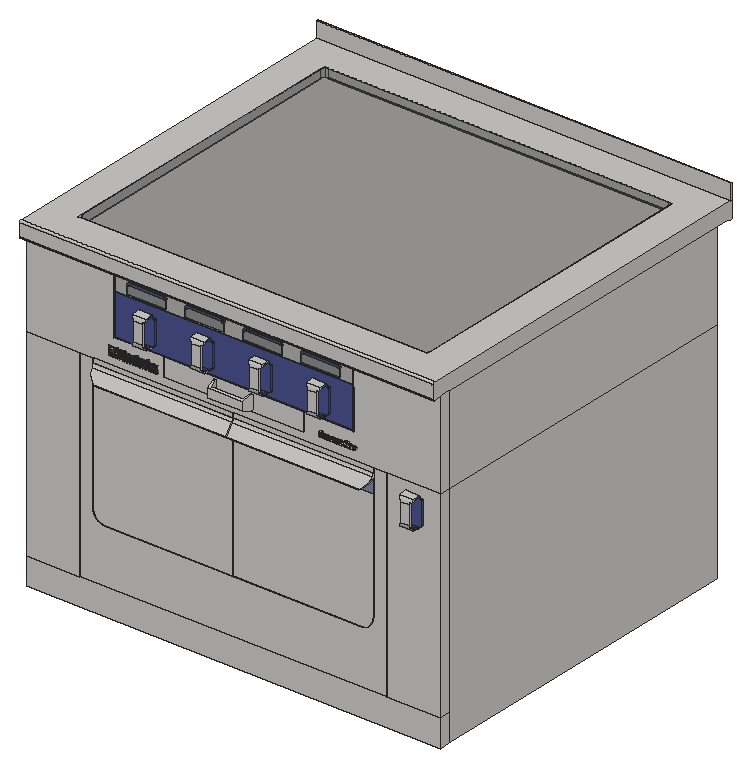
Revit family "QF_ELECTROLUXPROFESSIONAL_589710_MCTHFBJ4AO", category Attrezzature speciali, Revit 2020
Family settings
  Quota connettore circolare = Usa diametro
  Tipo di parte = Normale
  Basato su piano di lavoro = No
  Sempre verticale = Sì
  Taglio con vuoti quando caricato = No
  Condiviso = No
  Punto di calcolo locali = No
Parameters (values of type "Standard")
  Weight = 258.00 kg
  Watts = 18300 W
  Volts = 400 V
  URL Manufacturer = "https://www.electroluxprofessional.com/"
  URL = "https://www.electroluxprofessional.com/"
  Steam Supply Size = 0"
  Steam Supply Minimum Pressure = 0.00 psi
  Steam Supply Maximum Pressure = 0.00 psi
  Steam Consumption per Hour = 0
  Refrigeration Suction Line Size = 0 mm
  Refrigeration Liquid Line Size = 0 mm
  Refrigerant Compressor Remote = yes
  Prospetto di default = 0 mm
  Phase = 3
  Modello = "MCTHFBJ4AO"
  Produttore = "Electrolux Professional"
  Length Actual = 1000 mm  # constant formula
  Item Number = "589710"
  Hot Water Size = 0"
  Height Actual = 800 mm  # constant formula
  HP = "24.5 HP"
  Gas Size = 0"
  Gas KW = 0
  Gas Input Pressure = 0.0 Btu/h
  Direct Waste Size = 0"
  Descrizione = "EL.FREE COOK.WARM.CAB.1S,BS,1000X900X8"
  Depth Actual = 900 mm  # constant formula
  Cycle = 50 Hz
  Condensate Return Size = 0"
  Compressed Air Volume = 0 GPM
  Compressed Air Size = 0"
  Compressed Air Pressure = 0.00 psi
  Cold Water Size = 0"
  Accessory = yes
Reference planes
  plane 1 "BACK": y = 50
  plane 2: z = 0
  plane 3 "LEFT": x = 0
  plane 4 "RIGHT": x = 1000
  plane 5 "FRONT": y = -850
  plane 6 "TOP": z = 900
  plane 7 "Center (Left/Right)": x = 500
  plane 8: y = -400
  plane 9: z = 100
  plane 10: y = -150
  plane 11 "Panel": y = -805
  plane 12: z = 798
  plane 13: z = 1327
  plane 14: x = 78
  plane 15: x = 922
  plane 16: y = -100
  plane 17: y = -600
  plane 18 "EIx": x = 955
  plane 19 "EIy": y = -635
  plane 20 "KnobX": x = 935
Forms (mm)
  Extrusion 1, solid, material "QF_Finishes_Stainless Steel"
    sketch origin (-178.969, -4572, 100) x (-1, 0, 0) y (0, -1, 0)
      loop
        line (-178.969, -4577) -> (-178.969, -3767) -> (-1178.969, -3767) -> (-1178.969, -4577) -> (-178.969, -4577)
    from 550 to 763
  Extrusion 2, solid, material "QF_Finishes_Stainless Steel"
    sketch origin (-588.969, -4562, 100) x (-1, 0, 0) y (0, -1, 0)
      loop
        circle (-1543.969, -3927) r 6.35
    from 0 to -11.851
  Extrusion 3, solid, material "QF_Finishes_Stainless Steel"
    sketch origin (500, 296.4, 1219.2) x (0, 1, 0) y (0, 0, 1)
      loop
        line (-246.4, -319.2) -> (-1141.4, -319.2)
        arc (-1141.4, -319.2) -> (-1144.935, -320.664) -> (-1146.4, -324.2) r 5
        line (-1146.4, -324.2) -> (-1146.4, -355.2)
        arc (-1146.4, -355.2) -> (-1144.971, -358.264) -> (-1141.705, -359.139) r 4
        line (-1141.705, -359.139) -> (-1126.4, -356.231) -> (-266.4, -356.231) -> (-251.094, -359.139)
        arc (-251.094, -359.139) -> (-247.829, -358.264) -> (-246.4, -355.2) r 4
        line (-246.4, -355.2) -> (-246.4, -319.2)
    from -500 to 500
  Extrusion 4, solid, material "QF_Finishes_Electrolux_Black Smoke Iluminated"
    sketch origin (0, 0, 900) x (-1, 0, 0) y (0, -1, 0)
      loop
        arc (-90, 30) -> (-82.929, 32.929) -> (-80, 40) r 10
        line (-80, 40) -> (-80, 760)
        arc (-80, 760) -> (-82.929, 767.071) -> (-90, 770) r 10
        line (-90, 770) -> (-911, 770)
        arc (-911, 770) -> (-918.071, 767.071) -> (-921, 760) r 10
        line (-921, 760) -> (-921, 40)
        arc (-921, 40) -> (-918.071, 32.929) -> (-911, 30) r 10
        line (-911, 30) -> (-90, 30)
    from 0 to -20
  Extrusion 5, solid, material "QF_Finishes_Stainless Steel"
    sketch origin (-178.969, -4572, 100) x (-1, 0, 0) y (0, -1, 0)
      loop
        line (-178.969, -4577) -> (-178.969, -3767) -> (-1178.969, -3767) -> (-1178.969, -4577) -> (-178.969, -4577)
    from 550 to 0
  Extrusion 6, void
    sketch origin (0, 0, 900) x (-1, 0, 0) y (0, -1, 0)
      loop
        line (-78, 771) -> (-922, 771) -> (-922, 28) -> (-78, 28) -> (-78, 771)
    from 0 to -25
  Extrusion 7, solid, material "QF_Finishes_Stainless Steel"
    sketch origin (0, 0, 900) x (-1, 0, 0) y (0, -1, 0)
      loop
        arc (-90, 32) -> (-84.343, 34.343) -> (-82, 40) r 8
        line (-82, 40) -> (-82, 760)
        arc (-82, 760) -> (-84.343, 765.657) -> (-90, 768) r 8
        line (-90, 768) -> (-910, 768)
        arc (-910, 768) -> (-915.657, 765.657) -> (-918, 760) r 8
        line (-918, 760) -> (-918, 40)
        arc (-918, 40) -> (-915.657, 34.343) -> (-910, 32) r 8
        line (-910, 32) -> (-90, 32)
    from -20 to -25
  Extrusion 8, solid, material "QF_Finishes_Stainless Steel"
    sketch origin (500, 297.4, 1219.2) x (0, 1, 0) y (0, 0, 1)
      loop
        line (-249.4, -319.2) -> (-247.4, -319.2) -> (-247.4, -281.2) -> (-249.4, -281.2) -> (-249.4, -319.2)
    from -500 to 500
  Extrusion 9, solid, material "QF_Finishes_Stainless Steel"
    sketch origin (500, 296.4, 1219.2) x (0, 1, 0) y (0, 0, 1)
      loop
        line (-1101.4, -1119.2) -> (-1101.4, -1054.2) -> (-1126.4, -1054.2) -> (-1126.4, -1119.2) -> (-1101.4, -1119.2)
    from -500 to 500
  Extrusion 10, solid, material "QF_Finishes_Stainless Steel"
    sketch origin (-40.038, -850, -31.747) x (1, 0, 0) y (0, 0, 1)
      loop
        line (40.038, 681.747) -> (40.038, 196.747) -> (170.038, 196.747) -> (170.038, 681.747) -> (40.038, 681.747)
      loop
        line (1040.038, 681.747) -> (910.038, 681.747) -> (910.038, 196.747) -> (1040.038, 196.747) -> (1040.038, 681.747)
    from -45 to -20
  Extrusion 11, solid, material "QF_Finishes_Stainless Steel"
    sketch origin (-40.038, -850, -31.747) x (1, 0, 0) y (0, 0, 1)
      loop
        line (170.038, 196.747) -> (910.038, 196.747) -> (910.038, 681.747) -> (880.038, 681.747) -> (880.038, 358.747)
        arc (880.038, 358.747) -> (870.665, 336.12) -> (848.038, 326.747) r 32
        line (848.038, 326.747) -> (232.038, 326.747)
        arc (232.038, 326.747) -> (209.41, 336.12) -> (200.038, 358.747) r 32
        line (200.038, 358.747) -> (200.038, 681.747) -> (170.038, 681.747) -> (170.038, 196.747)
    from -45 to -20
Cuts and joins
  Extrusion 6 cuts Extrusion 3
Lines and regions (mm)
  symbolic lines
    curve 1: line (0, 50, 100) -> (1000, 50, 100)
    curve 2: line (0, -850, 100) -> (0, 50, 100)
    curve 3: line (1000, -850, 100) -> (0, -850, 100)
    curve 4: line (1000, 50, 100) -> (1000, -850, 100)
    curve 5: line (910, -30, 100) -> (90, -30, 100)
    curve 6: line (80, -40, 100) -> (80, -760, 100)
    curve 7: line (90, -770, 100) -> (910, -770, 100)
    curve 8: line (920, -760, 100) -> (920, -40, 100)
    curve 9: arc (90, -30, 100) -> (82.929, -32.929, 100) -> (80, -40, 100) r 10
    curve 10: arc (920, -40, 100) -> (917.071, -32.929, 100) -> (910, -30, 100) r 10
    curve 11: arc (910, -770, 100) -> (917.071, -767.071, 100) -> (920, -760, 100) r 10
    curve 12: arc (80, -760, 100) -> (82.929, -767.071, 100) -> (90, -770, 100) r 10
    curve 13: line (0, 48, 0) -> (800, 48, 0)
Dimensions and locks
  plane 3 "LEFT" to plane 4 "RIGHT" = 1000 mm
  plane 5 "FRONT" to plane 1 "BACK" = 900 mm
  plane 3 "LEFT" to plane 7 "Center (Left/Right)" to plane 4 "RIGHT" = 500 mm, 500 mm
  equal spacing: plane 5 "FRONT", plane 8, plane 1 "BACK"
  plane 6 "TOP" to level = 900 mm  (x2)
  plane 9 to level = 100 mm
  plane 1 "BACK" to plane 10 to plane 11 "Panel" = 200 mm, 655 mm  (x2)
  plane 6 "TOP" to plane 9 to level = 800 mm, 100 mm
  plane 1 "BACK" to plane 5 "FRONT" = 900 mm
  plane 1 "BACK" to Extrusion 2 = 685 mm
  plane 12 to plane 9 = 698 mm
  plane 13 to plane 6 "TOP" = 427 mm
  plane 6 "TOP" to plane 12 = 102 mm
  plane 14 to plane 3 "LEFT" = 78 mm
  plane 15 to plane 4 "RIGHT" = 78 mm
  locked: plane 1 "BACK" to plane 16 at 150
  locked: plane 16 to plane 17 at 500
  plane 11 "Panel" to plane 5 "FRONT" = 45 mm
  plane 18 "EIx" to plane 4 "RIGHT" = 45 mm
  plane 19 "EIy" to plane 1 "BACK" = 685 mm
  plane 20 "KnobX" to plane 4 "RIGHT" = 65 mm
  aligned and locked: level to plane 2
  aligned and locked: nested 2 to plane 11 "Panel"
  aligned and locked: plane 3 "LEFT" to nested 2
  aligned and locked: Extrusion 4 sketch curve to curve 5
  aligned and locked: Extrusion 4 sketch curve to curve 7
  aligned and locked: Extrusion 6 sketch curve to plane 14
  aligned and locked: plane 15 to Extrusion 6 sketch curve
Automatic sketch dimensions
  Extrusion 2 sketch curve to plane 18 "EIx" = 0 mm
  Extrusion 2 sketch curve to plane 19 "EIy" = 0 mm
  Extrusion 3 sketch curve to plane 5 "FRONT" = 0 mm
  Extrusion 3 sketch curve to plane 6 "TOP" = 0 mm
  Extrusion 3 sketch curve to plane 1 "BACK" = 0 mm
  Extrusion 3 sketch curve to plane 5 "FRONT" = 4 mm
  Extrusion 3 sketch curve to Extrusion 3 sketch curve = 0.695 mm
  Extrusion 3 sketch curve to plane 5 "FRONT" = 5 mm
  Extrusion 3 sketch curve to Extrusion 3 sketch curve = 15.305 mm
  plane 1 "BACK" to Extrusion 3 sketch curve = 20 mm
  plane 1 "BACK" to Extrusion 3 sketch curve = 4.695 mm
  Extrusion 3 sketch curve to Extrusion 3 sketch curve = 4 mm
  Extrusion 3 sketch curve to Extrusion 3 sketch curve = 31 mm
  Extrusion 3 sketch curve to plane 6 "TOP" = 36 mm
  Extrusion 3 sketch curve to Extrusion 3 sketch curve = 2.909 mm
  plane 15 to Extrusion 4 sketch curve = 1 mm
  Extrusion 4 sketch curve to plane 14 = 2 mm
  plane 15 to Extrusion 4 sketch curve = 11 mm  (x2)
  Extrusion 4 sketch curve to Extrusion 4 sketch curve = 10 mm  (x2)
  Extrusion 8 sketch curve to plane 6 "TOP" = 0 mm
  Extrusion 8 sketch curve to plane 1 "BACK" = 0 mm
  plane 1 "BACK" to Extrusion 8 sketch curve = 2 mm
  plane 6 "TOP" to Extrusion 8 sketch curve = 38 mm
  Extrusion 6 sketch curve to plane 16 = 72 mm
  plane 11 "Panel" to Extrusion 6 sketch curve = 34 mm
  Extrusion 1 sketch curve to plane 4 "RIGHT" = 0 mm
  Extrusion 1 sketch curve to plane 3 "LEFT" = 0 mm
  Extrusion 1 sketch curve to plane 11 "Panel" = 0 mm
  plane 1 "BACK" to Extrusion 1 sketch curve = 45 mm
  plane 1 "BACK" to curve 1 = 0 mm
  curve 1 to plane 4 "RIGHT" = 0 mm
  plane 15 to curve 8 = 2 mm
  curve 6 to plane 14 = 2 mm
  curve 2 to plane 3 "LEFT" = 0 mm
  plane 5 "FRONT" to curve 3 = 0 mm
  plane 15 to curve 5 = 12 mm
  plane 15 to curve 11 = 12 mm
  curve 5 to plane 14 = 12 mm
  curve 12 to curve 6 = 10 mm
  curve 5 to plane 16 = 70 mm
  plane 17 to curve 11 = 160 mm
  Extrusion 5 sketch curve to plane 4 "RIGHT" = 0 mm
  Extrusion 5 sketch curve to plane 3 "LEFT" = 0 mm
  Extrusion 5 sketch curve to plane 11 "Panel" = 0 mm
  plane 1 "BACK" to Extrusion 5 sketch curve = 45 mm
  Extrusion 9 sketch curve to plane 9 = 0 mm
  Extrusion 9 sketch curve to plane 11 "Panel" = 0 mm
  Extrusion 9 sketch curve to plane 5 "FRONT" = 20 mm
  plane 9 to Extrusion 9 sketch curve = 65 mm
  plane 14 to Extrusion 10 sketch curve = 78 mm
  Extrusion 10 sketch curve to plane 14 = 52 mm
  plane 15 to Extrusion 10 sketch curve = 52 mm
  Extrusion 10 sketch curve to plane 4 "RIGHT" = 0 mm
  plane 9 to Extrusion 10 sketch curve = 65 mm  (x2)
  Extrusion 10 sketch curve to plane 12 = 148 mm  (x2)
  Extrusion 11 sketch curve to plane 14 = 52 mm
  Extrusion 11 sketch curve to Extrusion 11 sketch curve = 30 mm
  Extrusion 11 sketch curve to Extrusion 11 sketch curve = 32 mm  (x2)
  plane 15 to Extrusion 11 sketch curve = 114 mm
  plane 15 to Extrusion 11 sketch curve = 52 mm
  plane 9 to Extrusion 11 sketch curve = 65 mm
  Extrusion 11 sketch curve to Extrusion 11 sketch curve = 130 mm
  Extrusion 11 sketch curve to plane 12 = 148 mm  (x2)
  plane 15 to Extrusion 7 sketch curve = 4 mm
  Extrusion 7 sketch curve to Extrusion 7 sketch curve = 8 mm  (x2)
  Extrusion 7 sketch curve to plane 14 = 12 mm  (x2)
  Extrusion 7 sketch curve to plane 14 = 4 mm
  Extrusion 7 sketch curve to plane 16 = 68 mm
  plane 11 "Panel" to Extrusion 7 sketch curve = 45 mm
  radius of Extrusion 2 sketch curve = 6.35 mm
Nested families
  nested 1: "FIT Range Control Handle" at (934.774, -833.137, -372.751), type "FIT Range Control Handle"
  nested 2: "Front_Panel_W1000_Four Knobs" at (202.376, -805, 0), type "Front_Panel_W1000_Four Knobs"
  nested 3: "Warm" at (1000, -800, 0), type "Warm"
  nested 4: "H450H2W1000_2DOOR" at (463.958, -805, 200) x (1, 0, 0) z (0, -1, 0), type "H450H2W1000_2DOOR"
    with Width 680 mm, Wdoor 340 mm, Show Clearance yes
Connectors
  electrical at (955, -635, 88.149)
    settings: on Extrusion 2, index 1, voltage 400 V, apparent load 33000 VA, apparent load phase1 0 VA, apparent load phase2 0 VA, apparent load phase3 0 VA, power factor 1, load classification "Other", number of poles 1, system type 30, power factor state 1, is connector primary yes, connector utility no, sub classification motor no, connector description "ELECTRICAL CONNECTION"
Definition of nested family "FIT Range Control Handle"
  Parameters
    Default Elevation = 0 mm
  Reference planes
    plane 1 "Center (Front/Back)": y = 0
    plane 2: z = 0
    plane 3 "Center (Left/Right)": x = 0
    plane 4: z = 971.092
    plane 5: y = -16.8
  Forms (mm)
    Extrusion 1, solid
      sketch origin (-746.28, 380.497, 208.931) x (-1, 0, 0) y (0, 0, 1)
        loop
          line (-770.101, 786.798) -> (-770.101, 731.649)
          arc (-770.101, 731.649) -> (-769.759, 730.563) -> (-768.855, 729.87) r 1.893
          line (-768.855, 729.87) -> (-763.474, 727.911) -> (-729.81, 727.911) -> (-724.428, 729.87)
          arc (-724.428, 729.87) -> (-723.525, 730.563) -> (-723.183, 731.649) r 1.893
          line (-723.183, 731.649) -> (-723.183, 786.798)
          arc (-723.183, 786.798) -> (-723.529, 787.894) -> (-724.44, 788.593) r 1.91
          line (-724.44, 788.593) -> (-729.683, 790.819) -> (-763.601, 790.819) -> (-768.844, 788.593)
          arc (-768.844, 788.593) -> (-769.755, 787.894) -> (-770.101, 786.798) r 1.91
      from -382.35 to -378.852
    Sweep 2, solid
      path origin (-746.788, 380.496, 208.091) x (0, -1, 0) y (0, 0, 1)
        loop
          line (379.775, 793.281) -> (395.661, 791.048)
          arc (395.661, 791.048) -> (397.781, 787.377) -> (398.517, 783.202) r 12.207
          line (398.517, 783.202) -> (398.517, 737.368)
          arc (398.517, 737.368) -> (397.781, 733.193) -> (395.661, 729.522) r 12.207
          line (395.661, 729.522) -> (379.775, 727.289)
      profile origin (-746.788, -7.222, 1000.256) x (0, -0.139173, 0.990268) y (-1, 0, 0)
        loop
          line (0.782, -763.123) -> (0.782, -730.907) -> (-1.322, -730.907) -> (-1.322, -763.123) -> (0.782, -763.123)
    Sweep 3, solid
      path origin (-746.788, 380.715, 207.832) x (0, -1, 0) y (0, 0, 1)
        loop
          line (380.478, 795.442) -> (397.218, 793.09)
          arc (397.218, 793.09) -> (399.929, 788.473) -> (400.871, 783.202) r 15.207
          line (400.871, 783.202) -> (400.871, 737.584)
          arc (400.871, 737.584) -> (399.914, 732.274) -> (397.164, 727.633) r 15.207
          line (397.164, 727.633) -> (380.601, 725.305)
      profile origin (-746.788, -8.132, 1002.099) x (0, -0.139173, 0.990268) y (-1, 0, 0)
        loop
          line (0.782, -763.123) -> (0.782, -730.907) -> (-1.322, -730.907) -> (-1.322, -763.123) -> (0.782, -763.123)
    Extrusion 4, void
      sketch origin (889.253, 220.666, 207.993) x (1, 0, 0) y (0, 0, 1)
        loop
          line (-943.038, 816.854) -> (-943.038, 703.686) -> (-899.466, 734.196) -> (-899.466, 786.344) -> (-943.038, 816.854)
      from 230.636 to 242.25
    Extrusion 5, void
      sketch origin (-888.8, 220.666, 207.993) x (-1, 0, 0) y (0, 0, -1)
        loop
          line (-943.038, -816.854) -> (-899.466, -786.344) -> (-899.466, -734.196) -> (-943.038, -703.686) -> (-943.038, -816.854)
      from 230.636 to 242.25
    Extrusion 6, solid
      sketch origin (0, 0, 0) x (1, 0, 0) y (0, 0, 1)
        loop
          circle (0, 971.092) r 7.736
      from -3.137 to -1.645
  Cuts and joins
    Extrusion 4, Extrusion 5 cuts Sweep 3
    Extrusion 4, Extrusion 5 cuts Sweep 2
    joined: Extrusion 1, Extrusion 6
  Lines and regions (mm)
    symbolic lines
      curve 1: line (-15.881, -19.189, 0) -> (-15.881, -16.8, 0)
      curve 2: line (16.334, -19.189, 0) -> (16.334, -16.8, 0)
      curve 3: spline (-15.881, -19.189, 0) -> (-15.417, -19.349, 0) -> (-14.951, -19.501, 0) -> (-14.483, -19.646, 0) -> (-14.014, -19.783, 0) -> (-13.543, -19.912, 0) -> (-13.071, -20.033, 0) -> (-12.597, -20.146, 0) -> (-12.122, -20.251, 0) -> (-11.646, -20.349, 0) -> (-11.169, -20.438, 0) -> (-10.691, -20.52, 0) -> (-10.213, -20.593, 0)
      curve 4: spline (10.666, -20.593, 0) -> (11.144, -20.52, 0) -> (11.622, -20.438, 0) -> (12.099, -20.349, 0) -> (12.575, -20.251, 0) -> (13.05, -20.146, 0) -> (13.524, -20.033, 0) -> (13.996, -19.912, 0) -> (14.467, -19.783, 0) -> (14.936, -19.646, 0) -> (15.404, -19.501, 0) -> (15.87, -19.349, 0) -> (16.334, -19.189, 0)
      curve 5: line (-10.213, -20.938, 0) -> (10.716, -20.938, 0)
  Dimensions and locks
    cut or joined group of Sweep 3, Extrusion 4, Extrusion 5 to cut or joined group of Sweep 3, Extrusion 4, Extrusion 5 = 71.686 mm
Definition of nested family "Front_Panel_W1000_Four Knobs"
  Parameters
    Default Elevation = 0 mm
  Reference planes
    plane 1 "Center (Front/Back)": y = 0
    plane 2: z = 0
    plane 3 "Center (Left/Right)": x = 297.624
    plane 4 "Left": x = -202.376
    plane 5 "Right": x = 797.624
    plane 6: y = -45
    plane 7: x = 87.624
    plane 8: x = 227.624
    plane 9: y = -310
    plane 10: y = -25
    plane 11: x = -2.376
    plane 12: x = 367.624
    plane 13: x = 507.624
    plane 14: x = 594.715
  Forms (mm)
    Extrusion 1, solid
      sketch origin (833.217, 829.203, -1.25) x (0, 1, 0) y (0, 0, 1)
        loop
          line (-854.203, 651.25) -> (-829.203, 651.25) -> (-829.203, 864.25) -> (-854.203, 864.25) -> (-854.203, 651.25)
      from -1035.593 to -35.593
    Extrusion 2, void
      sketch origin (0, 0, 0) x (1, 0, 0) y (0, 0, 1)
        loop
          line (7.624, 853.866) -> (7.624, 711.866) -> (587.624, 711.866) -> (587.624, 853.866) -> (7.624, 853.866)
      from 19.387 to 33.951
    Extrusion 3, void
      sketch origin (0, 0, 0) x (1, 0, 0) y (0, 0, 1)
        loop
          line (128.624, 711.866) -> (128.624, 668.866) -> (466.624, 668.866) -> (466.624, 711.866) -> (128.624, 711.866)
      from 19.387 to 25
    Extrusion 4, solid
      sketch origin (150, 0, 1) x (1, 0, 0) y (0, 0, 1)
        loop
          line (-21.376, 710.866) -> (-21.376, 667.866) -> (316.624, 667.866) -> (316.624, 710.866) -> (-21.376, 710.866)
      from 19.387 to 25
    Extrusion 5, solid
      sketch origin (150, 0, 1) x (1, 0, 0) y (0, 1, 0)
        loop
          line (106.059, -25) -> (100.966, -25) -> (105.646, -49.075) -> (189.603, -49.075) -> (194.283, -25) -> (189.189, -25) -> (185.481, -44.075) -> (109.767, -44.075) -> (106.059, -25)
      from 672.593 to 705.67
    Extrusion 6, void
      sketch origin (297.624, 0, 1) x (0, 1, 0) y (0, 0, 1)
        loop
          line (-30, 705.67) -> (-30, 710.67) -> (-56.744, 710.67) -> (-56.744, 667.593) -> (-30, 667.593) -> (-30, 672.593) -> (-53.776, 680.318) -> (-53.776, 697.945) -> (-30, 705.67)
      from -50 to 50
    Extrusion 7, solid, detail levels coarse
      sketch origin (150, -265, 1) x (1, 0, 0) y (0, 1, 0)
        loop
          line (106.164, -71.744) -> (189.084, -71.744) -> (194.283, -45) -> (316.624, -45) -> (316.624, 240) -> (-21.376, 240) -> (-21.376, -45) -> (100.966, -45) -> (106.164, -71.744)
      from 672.593 to 705.67
    Extrusion 8, void
      sketch origin (297.624, -280, 1) x (0, 1, 0) y (0, 0, 1)
        loop
          line (-30, 705.67) -> (-30, 710.67) -> (-56.744, 710.67) -> (-56.744, 667.593) -> (-30, 667.593) -> (-30, 672.593) -> (-53.776, 680.318) -> (-53.776, 697.945) -> (-30, 705.67)
      from -50 to 50
  Cuts and joins
    Extrusion 2, Extrusion 3 cuts Extrusion 1
    Extrusion 6 cuts Extrusion 5
    Extrusion 6, Extrusion 8 cuts Extrusion 7
  Lines and regions (mm)
    symbolic lines
      curve 1: line (128.624, -45, 0) -> (128.624, -310, 0)
      curve 2: line (128.624, -310, 0) -> (466.624, -310, 0)
      curve 3: line (466.624, -310, 0) -> (466.624, -45, 0)
      curve 4: line (128.624, -300, 0) -> (466.624, -300, 0)
      curve 5: line (250.908, -309.701, 0) -> (255.587, -333.776, 0)
      curve 6: line (255.587, -333.776, 0) -> (339.545, -333.776, 0)
      curve 7: line (339.545, -333.776, 0) -> (344.225, -309.701, 0)
      curve 8: line (256.001, -309.701, 0) -> (259.709, -328.776, 0)
      curve 9: line (259.709, -328.776, 0) -> (335.423, -328.776, 0)
      curve 10: line (335.423, -328.776, 0) -> (339.131, -309.701, 0)
  Dimensions and locks
    equal spacing: plane 5 "Right", plane 3 "Center (Left/Right)", plane 4 "Left"
    plane 5 "Right" to plane 4 "Left" = 1000 mm
    plane 3 "Center (Left/Right)" to plane 7 = 210 mm
    plane 3 "Center (Left/Right)" to plane 8 = 70 mm
    plane 6 to plane 9 = 265 mm
    plane 13 to plane 3 "Center (Left/Right)" = 210 mm
    plane 12 to plane 3 "Center (Left/Right)" = 70 mm
    aligned and locked: cut or joined group of Extrusion 1, Extrusion 2, Extrusion 3 to plane 4 "Left"
    aligned and locked: plane 5 "Right" to cut or joined group of Extrusion 1, Extrusion 2, Extrusion 3
    aligned and locked: plane 3 "Center (Left/Right)" to nested 2
    aligned and locked: cut or joined group of Extrusion 1, Extrusion 2, Extrusion 3 to nested 2
  Automatic sketch dimensions
    plane 7 to Extrusion 3 sketch curve = 41 mm
    plane 3 "Center (Left/Right)" to Extrusion 3 sketch curve = 169 mm
    level to Extrusion 3 sketch curve = 668.866 mm
    Extrusion 3 sketch curve to Extrusion 3 sketch curve = 43 mm
    Extrusion 1 sketch curve to plane 1 "Center (Front/Back)" = 0 mm
    level to Extrusion 1 sketch curve = 650 mm
    plane 4 "Left" to Extrusion 2 sketch curve = 210 mm
    Extrusion 2 sketch curve to plane 5 "Right" = 210 mm
    level to Extrusion 2 sketch curve = 711.866 mm
    Extrusion 2 sketch curve to Extrusion 2 sketch curve = 142 mm
    plane 6 to curve 1 = 0 mm
    plane 6 to curve 3 = 0 mm
    plane 9 to curve 1 = 0 mm
    plane 7 to curve 1 = 41 mm
    curve 1 to curve 4 = 10 mm
    Extrusion 1 sketch curve to plane 6 = 20 mm
    Extrusion 1 sketch curve to Extrusion 1 sketch curve = 213 mm
    plane 7 to Extrusion 4 sketch curve = 41 mm
    Extrusion 4 sketch curve to plane 13 = 41 mm
    level to Extrusion 4 sketch curve = 668.866 mm
    Extrusion 4 sketch curve to Extrusion 4 sketch curve = 43 mm
    plane 10 to Extrusion 5 sketch curve = 0 mm  (x2)
    plane 8 to Extrusion 5 sketch curve = 23.342 mm
    plane 6 to Extrusion 5 sketch curve = 4.075 mm
    Extrusion 5 sketch curve to Extrusion 5 sketch curve = 4.68 mm
    Extrusion 5 sketch curve to Extrusion 5 sketch curve = 5.094 mm  (x2)
    Extrusion 5 sketch curve to plane 6 = 0.925 mm
    Extrusion 5 sketch curve to Extrusion 5 sketch curve = 4.122 mm  (x2)
    Extrusion 5 sketch curve to plane 12 = 32.143 mm
    Extrusion 5 sketch curve to Extrusion 5 sketch curve = 3.708 mm
    plane 6 to Extrusion 6 sketch curve = 11.744 mm
    plane 6 to Extrusion 6 sketch curve = 8.776 mm
    plane 10 to Extrusion 6 sketch curve = 5 mm  (x2)
    level to Extrusion 6 sketch curve = 668.593 mm
    Extrusion 6 sketch curve to Extrusion 6 sketch curve = 5 mm
    Extrusion 6 sketch curve to Extrusion 6 sketch curve = 12.725 mm  (x2)
    Extrusion 6 sketch curve to Extrusion 6 sketch curve = 17.627 mm
    Extrusion 6 sketch curve to Extrusion 6 sketch curve = 7.725 mm
    plane 10 to Extrusion 7 sketch curve = 0 mm
    Extrusion 7 sketch curve to plane 9 = 0 mm  (x2)
    plane 7 to Extrusion 7 sketch curve = 41 mm
    plane 8 to Extrusion 7 sketch curve = 23.342 mm
    Extrusion 7 sketch curve to Extrusion 7 sketch curve = 5.199 mm
    Extrusion 7 sketch curve to plane 12 = 28.54 mm
    Extrusion 7 sketch curve to plane 12 = 23.342 mm
    Extrusion 7 sketch curve to plane 13 = 41 mm
    Extrusion 7 sketch curve to plane 9 = 26.744 mm
    Extrusion 8 sketch curve to plane 9 = 0 mm  (x2)
    Extrusion 8 sketch curve to plane 9 = 23.776 mm
    Extrusion 8 sketch curve to Extrusion 8 sketch curve = 2.968 mm
    level to Extrusion 8 sketch curve = 668.593 mm
    Extrusion 8 sketch curve to Extrusion 8 sketch curve = 5 mm
    Extrusion 8 sketch curve to Extrusion 8 sketch curve = 12.725 mm  (x2)
    Extrusion 8 sketch curve to Extrusion 8 sketch curve = 17.627 mm
    Extrusion 8 sketch curve to Extrusion 8 sketch curve = 7.725 mm
    curve 3 to plane 13 = 41 mm
    plane 9 to curve 5 = 0.299 mm
    plane 8 to curve 5 = 23.283 mm
    curve 5 to curve 5 = 4.68 mm
    plane 9 to curve 8 = 0.299 mm
    curve 5 to curve 8 = 5.094 mm
    curve 5 to curve 9 = 4.122 mm
    curve 9 to plane 12 = 32.201 mm
    plane 9 to curve 10 = 0.299 mm
    curve 9 to curve 10 = 3.708 mm
    curve 9 to curve 7 = 4.122 mm
    plane 9 to curve 7 = 0.299 mm
    curve 10 to curve 7 = 5.094 mm
    curve 9 to plane 9 = 18.776 mm
    curve 6 to curve 8 = 5 mm
  Nested families
    nested 1: "Range Control Handle" at (87.624, -28.137, -209.113) x (-1, 0, 0) z (0, 0, 1), type "Range Control Handle"
    nested 2: "Front glass control panel W1000" at (297.624, 280.644, 2.752), type "Front glass control panel W1000"
    nested 3: "Range Control Handle" at (227.624, -28.137, -209.113) x (-1, 0, 0) z (0, 0, 1), type "Range Control Handle"
    nested 4: "Range Control Handle" at (367.624, -28.137, -209.113), type "Range Control Handle"
    nested 5: "Range Control Handle" at (507.624, -28.137, -209.113), type "Range Control Handle"
    nested 6: "ELX_ThermaLine_Small" at (546.122, -25, 679.426) x (1, 0, 0) z (0, -1, 0), type "ELX_ThermaLine_Small"
      with Show Logo yes, Material_Logo none
    nested 7: "ELX_Professional_Logo_Small" at (57.11, -25, 681.659) x (1, 0, 0) z (0, -1, 0), type "ELX_Professional_Logo_Small"
      with Show Logo yes, Material_Logo none
  Definition of nested family "Range Control Handle"
    Parameters
      Default Elevation = 0 mm
    Reference planes
      plane 1 "Center (Front/Back)": y = 0
      plane 2: z = 0
      plane 3 "Center (Left/Right)": x = 0
      plane 4: z = 971.092
      plane 5: y = -16.9
    Forms (mm)
      Extrusion 1, solid
        sketch origin (-746.28, 380.497, 208.931) x (-1, 0, 0) y (0, 0, 1)
          loop
            line (-770.101, 786.798) -> (-770.101, 731.649)
            arc (-770.101, 731.649) -> (-769.759, 730.563) -> (-768.855, 729.87) r 1.893
            line (-768.855, 729.87) -> (-763.474, 727.911) -> (-729.81, 727.911) -> (-724.428, 729.87)
            arc (-724.428, 729.87) -> (-723.525, 730.563) -> (-723.183, 731.649) r 1.893
            line (-723.183, 731.649) -> (-723.183, 786.798)
            arc (-723.183, 786.798) -> (-723.529, 787.894) -> (-724.44, 788.593) r 1.91
            line (-724.44, 788.593) -> (-729.683, 790.819) -> (-763.601, 790.819) -> (-768.844, 788.593)
            arc (-768.844, 788.593) -> (-769.755, 787.894) -> (-770.101, 786.798) r 1.91
        from -382.35 to -378.852
      Sweep 2, solid
        path origin (-746.788, 380.496, 208.091) x (0, -1, 0) y (0, 0, 1)
          loop
            line (379.775, 793.281) -> (395.661, 791.048)
            arc (395.661, 791.048) -> (397.781, 787.377) -> (398.517, 783.202) r 12.207
            line (398.517, 783.202) -> (398.517, 737.368)
            arc (398.517, 737.368) -> (397.781, 733.193) -> (395.661, 729.522) r 12.207
            line (395.661, 729.522) -> (379.775, 727.289)
        profile origin (-746.788, -7.222, 1000.256) x (0, -0.139173, 0.990268) y (-1, 0, 0)
          loop
            line (0.782, -763.123) -> (0.782, -730.907) -> (-1.322, -730.907) -> (-1.322, -763.123) -> (0.782, -763.123)
      Sweep 3, solid
        path origin (-746.788, 380.715, 207.832) x (0, -1, 0) y (0, 0, 1)
          loop
            line (380.478, 795.442) -> (397.218, 793.09)
            arc (397.218, 793.09) -> (399.929, 788.473) -> (400.871, 783.202) r 15.207
            line (400.871, 783.202) -> (400.871, 737.584)
            arc (400.871, 737.584) -> (399.914, 732.274) -> (397.164, 727.633) r 15.207
            line (397.164, 727.633) -> (380.601, 725.305)
        profile origin (-746.788, -8.132, 1002.099) x (0, -0.139173, 0.990268) y (-1, 0, 0)
          loop
            line (0.782, -763.123) -> (0.782, -730.907) -> (-1.322, -730.907) -> (-1.322, -763.123) -> (0.782, -763.123)
      Extrusion 4, void
        sketch origin (889.253, 220.666, 207.993) x (1, 0, 0) y (0, 0, 1)
          loop
            line (-943.038, 816.854) -> (-943.038, 703.686) -> (-899.466, 734.196) -> (-899.466, 786.344) -> (-943.038, 816.854)
        from 230.636 to 242.25
      Extrusion 5, void
        sketch origin (-888.8, 220.666, 207.993) x (-1, 0, 0) y (0, 0, -1)
          loop
            line (-943.038, -816.854) -> (-899.466, -786.344) -> (-899.466, -734.196) -> (-943.038, -703.686) -> (-943.038, -816.854)
        from 230.636 to 242.25
      Extrusion 6, solid
        sketch origin (0, 0, 0) x (1, 0, 0) y (0, 0, 1)
          loop
            circle (0, 971.092) r 7.736
        from -3.137 to -1.645
    Cuts and joins
      Extrusion 4, Extrusion 5 cuts Sweep 3
      Extrusion 4, Extrusion 5 cuts Sweep 2
      joined: Extrusion 1, Extrusion 6
    Lines and regions (mm)
      symbolic lines
        curve 1: line (16.334, -16.9, 0) -> (16.334, -19.227, 0)
        curve 2: spline (16.334, -19.227, 0) -> (15.87, -19.385, 0) -> (15.404, -19.536, 0) -> (14.936, -19.678, 0) -> (14.466, -19.813, 0) -> (13.995, -19.94, 0) -> (13.523, -20.059, 0) -> (13.049, -20.171, 0) -> (12.575, -20.274, 0) -> (12.099, -20.37, 0) -> (11.622, -20.458, 0) -> (11.144, -20.537, 0) -> (10.666, -20.609, 0)
        curve 3: line (10.666, -16.9, 0) -> (10.666, -20.938, 0)
        curve 4: line (-10.213, -20.938, 0) -> (10.666, -20.938, 0)
        curve 5: line (-10.213, -20.938, 0) -> (-10.213, -16.9, 0)
        curve 6: spline (-10.213, -20.609, 0) -> (-10.691, -20.537, 0) -> (-11.169, -20.458, 0) -> (-11.646, -20.37, 0) -> (-12.122, -20.274, 0) -> (-12.597, -20.171, 0) -> (-13.07, -20.059, 0) -> (-13.542, -19.94, 0) -> (-14.013, -19.813, 0) -> (-14.483, -19.678, 0) -> (-14.951, -19.536, 0) -> (-15.417, -19.385, 0) -> (-15.881, -19.227, 0)
        curve 7: line (-15.881, -19.227, 0) -> (-15.881, -16.9, 0)
  Definition of nested family "Front glass control panel W1000"
    Parameters
      Default Elevation = 0 mm
    Reference planes
      plane 1 "Center (Front/Back)": y = 0
      plane 2: z = 0
      plane 3 "Center (Left/Right)": x = 0
    Forms (mm)
      Extrusion 1, solid
        sketch origin (378.286, 0, 0.617) x (1, 0, 0) y (0, 0, 1)
          loop
            line (-668.286, 806.791) -> (-668.286, 708.497) -> (-88.286, 708.497) -> (-88.286, 806.791) -> (-668.286, 806.791)
        from 300.031 to 304.8
      Extrusion 2, solid
        sketch origin (378.286, 0, 0.617) x (1, 0, 0) y (0, 0, 1)
          loop
            line (-668.286, 850.497) -> (-668.286, 806.791) -> (-88.286, 806.791) -> (-88.286, 850.497) -> (-668.286, 850.497)
        from 300.031 to 304.8
      Extrusion 3, void
        sketch origin (378.286, 0, 0.617) x (1, 0, 0) y (0, 0, 1)
          loop
            line (-665.628, 847.565) -> (-665.628, 710.699) -> (-91.196, 710.699) -> (-91.196, 847.565) -> (-665.628, 847.565)
        from 303.697 to 304.8
      Extrusion 4, solid
        sketch origin (-378.333, 1.101, -0.633) x (-1, 0, 0) y (0, 0, -1)
          loop
            line (-261.431, -812.62) -> (-355.186, -812.62) -> (-355.186, -834.177) -> (-350.269, -834.177) -> (-348.469, -835.977) -> (-268.039, -835.977) -> (-266.24, -834.177) -> (-261.431, -834.177) -> (-261.431, -812.62)
        from 304.798 to 306.745
      Extrusion 5, solid
        sketch origin (-378.333, 1.101, -0.633) x (-1, 0, 0) y (0, 0, -1)
          loop
            line (-350.269, -834.177) -> (-355.078, -834.177)
            arc (-355.078, -834.177) -> (-353.942, -838.747) -> (-349.686, -840.763) r 5.5
            line (-349.686, -840.763) -> (-266.98, -840.763)
            arc (-266.98, -840.763) -> (-262.706, -838.752) -> (-261.529, -834.177) r 5.549
            line (-261.529, -834.177) -> (-266.24, -834.177) -> (-268.039, -835.977) -> (-348.469, -835.977) -> (-350.269, -834.177)
        from 304.798 to 306.745
      Extrusion 6, solid
        sketch origin (-518.333, 1.101, -0.633) x (-1, 0, 0) y (0, 0, -1)
          loop
            line (-261.431, -812.62) -> (-355.186, -812.62) -> (-355.186, -834.177) -> (-350.269, -834.177) -> (-348.469, -835.977) -> (-268.039, -835.977) -> (-266.24, -834.177) -> (-261.431, -834.177) -> (-261.431, -812.62)
        from 304.798 to 306.745
      Extrusion 7, solid
        sketch origin (-518.333, 1.101, -0.633) x (-1, 0, 0) y (0, 0, -1)
          loop
            line (-350.269, -834.177) -> (-355.078, -834.177)
            arc (-355.078, -834.177) -> (-353.942, -838.747) -> (-349.686, -840.763) r 5.5
            line (-349.686, -840.763) -> (-266.98, -840.763)
            arc (-266.98, -840.763) -> (-262.706, -838.752) -> (-261.529, -834.177) r 5.549
            line (-261.529, -834.177) -> (-266.24, -834.177) -> (-268.039, -835.977) -> (-348.469, -835.977) -> (-350.269, -834.177)
        from 304.798 to 306.745
      Extrusion 8, solid
        sketch origin (378.333, 1.101, -0.633) x (1, 0, 0) y (0, 0, 1)
          loop
            line (-261.431, 812.62) -> (-261.431, 834.177) -> (-266.24, 834.177) -> (-268.039, 835.977) -> (-348.469, 835.977) -> (-350.269, 834.177) -> (-355.186, 834.177) -> (-355.186, 812.62) -> (-261.431, 812.62)
        from 304.798 to 306.745
      Extrusion 9, solid
        sketch origin (378.333, 1.101, -0.633) x (1, 0, 0) y (0, 0, 1)
          loop
            line (-350.269, 834.177) -> (-348.469, 835.977) -> (-268.039, 835.977) -> (-266.24, 834.177) -> (-261.529, 834.177)
            arc (-261.529, 834.177) -> (-262.706, 838.752) -> (-266.98, 840.763) r 5.549
            line (-266.98, 840.763) -> (-349.686, 840.763)
            arc (-349.686, 840.763) -> (-353.942, 838.747) -> (-355.078, 834.177) r 5.5
            line (-355.078, 834.177) -> (-350.269, 834.177)
        from 304.798 to 306.745
      Extrusion 10, solid
        sketch origin (518.333, 1.101, -0.633) x (1, 0, 0) y (0, 0, 1)
          loop
            line (-261.431, 812.62) -> (-261.431, 834.177) -> (-266.24, 834.177) -> (-268.039, 835.977) -> (-348.469, 835.977) -> (-350.269, 834.177) -> (-355.186, 834.177) -> (-355.186, 812.62) -> (-261.431, 812.62)
        from 304.798 to 306.745
      Extrusion 11, solid
        sketch origin (518.333, 1.101, -0.633) x (1, 0, 0) y (0, 0, 1)
          loop
            line (-350.269, 834.177) -> (-348.469, 835.977) -> (-268.039, 835.977) -> (-266.24, 834.177) -> (-261.529, 834.177)
            arc (-261.529, 834.177) -> (-262.706, 838.752) -> (-266.98, 840.763) r 5.549
            line (-266.98, 840.763) -> (-349.686, 840.763)
            arc (-349.686, 840.763) -> (-353.942, 838.747) -> (-355.078, 834.177) r 5.5
            line (-355.078, 834.177) -> (-350.269, 834.177)
        from 304.798 to 306.745
    Cuts and joins
      Extrusion 3 cuts Extrusion 1
      Extrusion 3 cuts Extrusion 2
    Dimensions and locks
      aligned and locked: Extrusion 1 to Extrusion 2
      aligned and locked: Extrusion 5 sketch curve to Extrusion 4  (x5)
      aligned and locked: Extrusion 5 to Extrusion 4
      aligned and locked: Extrusion 7 sketch curve to Extrusion 6  (x5)
      aligned and locked: Extrusion 7 to Extrusion 6
      aligned and locked: Extrusion 9 sketch curve to Extrusion 8  (x4)
      aligned and locked: Extrusion 8 to Extrusion 9 sketch curve
      aligned and locked: Extrusion 9 to Extrusion 8
      aligned and locked: Extrusion 11 sketch curve to Extrusion 10  (x4)
      aligned and locked: Extrusion 10 to Extrusion 11 sketch curve
      aligned and locked: Extrusion 11 to Extrusion 10
  Definition of nested family "ELX_ThermaLine_Small"
    Parameters
      Show Logo [instance] = yes
      Material_Logo [instance] = none
      Default Elevation = 0 mm
    Reference planes
      plane 1 "Centro (Fronte/Retro)": y = 0
      plane 2: z = 0
      plane 3 "Centro (Sinistra/Destra)": x = 0
    Forms (mm)
      Extrusion 1, solid
        sketch origin (0, 0, 0) x (1, 0, 0) y (0, 1, 0)
          loop
            line (-1219.2, 1219.2) -> (-1219.2, -1219.2) -> (1219.2, -1219.2) -> (1219.2, 1219.2) -> (-1219.2, 1219.2)
        from 0 to -304.8
      Extrusion 2, solid
        sketch origin (0, 0, 0) x (1, 0, 0) y (0, 1, 0)
          loop
            line (-37.494, 1.229) -> (-35.908, 1.229) -> (-35.908, 3.066) -> (-37.494, 3.066) -> (-37.494, 6.221) -> (-39.867, 4.881) -> (-39.867, 3.066) -> (-40.969, 3.066) -> (-40.969, 1.229) -> (-39.867, 1.229) -> (-39.867, -3.407)
            arc (-39.867, -3.407) -> (-38.982, -5.513) -> (-36.751, -6.001) r 2.478
            line (-36.751, -6.001) -> (-35.638, -5.7) -> (-35.9, -3.835) -> (-36.661, -4.039)
            arc (-36.661, -4.039) -> (-37.236, -3.924) -> (-37.494, -3.399) r 0.662
            line (-37.494, -3.399) -> (-37.494, 1.229)
          loop
            line (-34.242, 6.539) -> (-34.242, -5.848) -> (-31.854, -5.848) -> (-31.854, -0.078)
            arc (-31.854, -0.078) -> (-30.939, 1.249) -> (-29.33, 1.367) r 1.866
            arc (-29.33, 1.367) -> (-28.695, 0.768) -> (-28.461, -0.073) r 1.627
            line (-28.461, -0.073) -> (-28.461, -5.848) -> (-26.086, -5.848) -> (-26.064, -0.46)
            arc (-26.064, -0.46) -> (-26.261, 0.932) -> (-26.786, 2.237) r 5.825
            arc (-26.786, 2.237) -> (-29.381, 3.264) -> (-31.854, 1.971) r 3.353
            line (-31.854, 1.971) -> (-31.854, 6.539) -> (-34.242, 6.539)
          loop
            arc (-18.398, -0.598) -> (-18.893, 0.879) -> (-20.326, 1.487) r 1.897
            arc (-20.326, 1.487) -> (-21.461, 0.708) -> (-21.897, -0.598) r 2.164
            line (-21.897, -0.598) -> (-18.398, -0.598)
          loop
            arc (-16.021, -2.044) -> (-16.754, 1.227) -> (-19.444, 3.226) r 4.814
            arc (-19.444, 3.226) -> (-22.137, 2.788) -> (-23.943, 0.743) r 4.054
            arc (-23.943, 0.743) -> (-24.382, -1.249) -> (-24.162, -3.276) r 6.289
            arc (-24.162, -3.276) -> (-23.302, -4.71) -> (-21.958, -5.705) r 4.28
            arc (-21.958, -5.705) -> (-18.558, -5.814) -> (-16.152, -3.409) r 4.28
            line (-16.152, -3.409) -> (-18.5, -2.995)
            arc (-18.5, -2.995) -> (-19.273, -3.994) -> (-20.533, -4.076) r 1.536
            arc (-20.533, -4.076) -> (-21.56, -3.281) -> (-21.958, -2.044) r 2.197
            line (-21.958, -2.044) -> (-16.021, -2.044)
          loop
            line (-14.165, -5.848) -> (-11.819, -5.848) -> (-11.819, -2.138)
            arc (-11.819, -2.138) -> (-11.787, -1.156) -> (-11.637, -0.185) r 8.18
            arc (-11.637, -0.185) -> (-10.644, 0.972) -> (-9.132, 0.776) r 1.603
            line (-9.132, 0.776) -> (-8.419, 2.846)
            arc (-8.419, 2.846) -> (-10.432, 3.118) -> (-11.994, 1.821) r 2.527
            line (-11.994, 1.821) -> (-11.994, 3.094) -> (-14.165, 3.094) -> (-14.165, -5.848)
          loop
            line (-7.579, 3.094) -> (-7.579, -5.848) -> (-5.178, -5.848) -> (-5.178, -0.756)
            arc (-5.178, -0.756) -> (-4.727, 0.679) -> (-3.417, 1.419) r 2.05
            arc (-3.417, 1.419) -> (-2.499, 0.908) -> (-2.155, -0.085) r 1.471
            line (-2.155, -0.085) -> (-2.155, -5.848) -> (0.23, -5.848) -> (0.23, -1.001)
            arc (0.23, -1.001) -> (0.47, 0.127) -> (1.148, 1.061) r 2.775
            arc (1.148, 1.061) -> (2.225, 1.329) -> (3.05, 0.587) r 1.182
            arc (3.05, 0.587) -> (3.199, -0.019) -> (3.214, -0.642) r 2.894
            line (3.214, -0.642) -> (3.214, -5.848) -> (5.601, -5.848) -> (5.601, 0.261)
            arc (5.601, 0.261) -> (4.87, 2.263) -> (2.976, 3.241) r 2.932
            arc (2.976, 3.241) -> (1.284, 2.973) -> (-0.047, 1.896) r 3.309
            arc (-0.047, 1.896) -> (-1.116, 2.865) -> (-2.506, 3.258) r 3.16
            arc (-2.506, 3.258) -> (-4.105, 2.942) -> (-5.376, 1.92) r 3.419
            line (-5.376, 1.92) -> (-5.376, 3.094) -> (-7.579, 3.094)
          loop
            line (7.583, 0.738) -> (9.702, 0.364)
            arc (9.702, 0.364) -> (11.441, 1.492) -> (12.855, -0.023) r 1.613
            line (12.855, -0.023) -> (9.782, -0.789)
            arc (9.782, -0.789) -> (8.559, -1.346) -> (7.617, -2.305) r 3.687
            arc (7.617, -2.305) -> (7.499, -3.681) -> (7.901, -5.003) r 3.651
            arc (7.901, -5.003) -> (9.107, -5.766) -> (10.515, -6.006) r 3.635
            arc (10.515, -6.006) -> (11.898, -5.697) -> (13.067, -4.895) r 3.734
            line (13.067, -4.895) -> (13.376, -5.848) -> (15.75, -5.848) -> (15.212, -4.193) -> (15.212, 0.38)
            arc (15.212, 0.38) -> (14.897, 1.849) -> (13.818, 2.895) r 2.585
            arc (13.818, 2.895) -> (11.792, 3.442) -> (9.719, 3.11) r 5.005
            arc (9.719, 3.11) -> (8.369, 2.178) -> (7.583, 0.738) r 3.54
          loop
            line (19.723, -5.848) -> (22.233, -5.848) -> (24.854, 6.484) -> (22.345, 6.484) -> (19.723, -5.848)
          loop
            line (24.583, -5.848) -> (26.953, -5.848) -> (28.848, 3.066) -> (26.478, 3.066) -> (24.583, -5.848)
          loop
            line (27.204, 6.484) -> (26.741, 4.305) -> (29.111, 4.305) -> (29.575, 6.484) -> (27.204, 6.484)
          loop
            line (29.355, -5.848) -> (31.849, -5.848) -> (33.098, 0.028)
            arc (33.098, 0.028) -> (34.169, 1.306) -> (35.832, 1.422) r 2.132
            arc (35.832, 1.422) -> (36.324, 0.752) -> (36.383, -0.078) r 1.5
            line (36.383, -0.078) -> (35.157, -5.848) -> (37.536, -5.848) -> (38.936, 0.738)
            arc (38.936, 0.738) -> (38.775, 2.091) -> (37.825, 3.066) r 2.118
            arc (37.825, 3.066) -> (35.392, 3.175) -> (33.295, 1.937) r 4.271
            line (33.295, 1.937) -> (33.535, 3.066) -> (31.25, 3.066) -> (29.355, -5.848)
          loop
            line (42.792, -0.64) -> (46.589, -0.64)
            arc (46.589, -0.64) -> (46.639, 0.124) -> (46.327, 0.823) r 1.589
            arc (46.327, 0.823) -> (45.117, 1.521) -> (43.762, 1.183) r 1.865
            arc (43.762, 1.183) -> (43.141, 0.344) -> (42.792, -0.64) r 3.538
          loop
            line (42.565, -2.138) -> (48.593, -2.138)
            arc (48.593, -2.138) -> (48.58, 0.597) -> (46.983, 2.818) r 4.494
            arc (46.983, 2.818) -> (44.191, 3.28) -> (41.725, 1.891) r 4.26
            arc (41.725, 1.891) -> (40.503, -0.3) -> (40.284, -2.799) r 6.003
            arc (40.284, -2.799) -> (40.959, -4.468) -> (42.377, -5.576) r 3.482
            arc (42.377, -5.576) -> (44.265, -5.961) -> (46.152, -5.576) r 4.823
            arc (46.152, -5.576) -> (47.432, -4.731) -> (48.328, -3.485) r 4.245
            line (48.328, -3.485) -> (46.168, -3.105)
            arc (46.168, -3.105) -> (45.214, -4.072) -> (43.859, -4.181) r 1.953
            arc (43.859, -4.181) -> (42.821, -3.408) -> (42.565, -2.138) r 1.81
          loop
            line (12.868, -1.553) -> (10.216, -2.214)
            arc (10.216, -2.214) -> (9.747, -3.136) -> (10.216, -4.058) r 1.14
            arc (10.216, -4.058) -> (11.537, -4.249) -> (12.614, -3.46) r 1.763
            arc (12.614, -3.46) -> (12.858, -2.522) -> (12.868, -1.553) r 3.97
        from 0 to 1.6
    Dimensions and locks
      aligned and locked: plane 2 to Extrusion 1
      aligned and locked: level to Extrusion 1
  Definition of nested family "ELX_Professional_Logo_Small"
    Parameters
      Show Logo [instance] = yes
      Material_Logo [instance] = none
      Default Elevation = 0 mm
    Reference planes
      plane 1 "Centro (Fronte/Retro)": y = 0
      plane 2: z = 0
      plane 3 "Centro (Sinistra/Destra)": x = 0
    Forms (mm)
      Extrusion 1, solid
        sketch origin (0, 0, 0) x (1, 0, 0) y (0, 1, 0)
          loop
            line (-1219.2, 1219.2) -> (-1219.2, -1219.2) -> (1219.2, -1219.2) -> (1219.2, 1219.2) -> (-1219.2, 1219.2)
        from 0 to -304.8
      Extrusion 2, solid, material <- "Material_Logo"
        sketch origin (15.5, 0, 0) x (1, 0, 0) y (0, 1, 0)
          loop
            spline (-42.99, -1.24) -> (-43.195, -1.231) -> (-43.415, -1.203) -> (-43.642, -1.152) -> (-43.87, -1.074) -> (-44.095, -0.966) -> (-44.309, -0.825) -> (-44.506, -0.647) -> (-44.681, -0.429) -> (-44.828, -0.167) -> (-44.94, 0.142) -> (-45.011, 0.501) -> (-45.037, 0.915)
            line (-45.037, 0.915) -> (-45.037, 2.748) -> (-38.984, 2.748) -> (-38.984, 5.086) -> (-45.038, 5.086) -> (-45.038, 8.489) -> (-38.599, 8.489) -> (-38.599, 10.82) -> (-47.515, 10.82) -> (-47.515, 1.021)
            spline (-47.515, 1.021) -> (-47.493, 0.418) -> (-47.425, -0.15) -> (-47.311, -0.682) -> (-47.15, -1.175) -> (-46.939, -1.628) -> (-46.678, -2.038) -> (-46.365, -2.404) -> (-46, -2.723) -> (-45.58, -2.995) -> (-45.105, -3.216) -> (-44.573, -3.385) -> (-43.983, -3.499)
            line (-43.983, -3.499) -> (-43.01, -3.569) -> (-38.426, -3.569) -> (-38.426, -1.24) -> (-42.99, -1.24)
          loop
            line (-36.666, 4.021) -> (-36.666, -3.573) -> (-34.188, -3.573) -> (-34.188, 10.824) -> (-36.666, 10.824) -> (-36.666, 4.021)
          loop
            spline (-21.915, 1.897) -> (-21.957, 2.615) -> (-22.082, 3.303) -> (-22.285, 3.955) -> (-22.563, 4.564) -> (-22.913, 5.124) -> (-23.331, 5.629) -> (-23.814, 6.074) -> (-24.359, 6.451) -> (-24.961, 6.755) -> (-25.618, 6.98) -> (-26.326, 7.119) -> (-27.081, 7.167)
            spline (-27.081, 7.167) -> (-27.853, 7.122) -> (-28.586, 6.99) -> (-29.275, 6.774) -> (-29.915, 6.478) -> (-30.5, 6.104) -> (-31.024, 5.657) -> (-31.483, 5.138) -> (-31.871, 4.553) -> (-32.182, 3.904) -> (-32.411, 3.194) -> (-32.552, 2.427) -> (-32.6, 1.606)
            spline (-32.6, 1.606) -> (-32.553, 0.805) -> (-32.416, 0.057) -> (-32.193, -0.637) -> (-31.887, -1.271) -> (-31.504, -1.843) -> (-31.048, -2.35) -> (-30.523, -2.788) -> (-29.934, -3.154) -> (-29.284, -3.444) -> (-28.579, -3.656) -> (-27.822, -3.785) -> (-27.019, -3.829)
            spline (-27.019, -3.829) -> (-26.627, -3.82) -> (-26.239, -3.79) -> (-25.856, -3.739) -> (-25.477, -3.663) -> (-25.103, -3.562) -> (-24.734, -3.432) -> (-24.369, -3.273) -> (-24.01, -3.082) -> (-23.655, -2.858) -> (-23.305, -2.597) -> (-22.96, -2.299) -> (-22.621, -1.962)
            line (-22.621, -1.962) -> (-24.114, -0.509)
            spline (-24.114, -0.509) -> (-24.311, -0.699) -> (-24.509, -0.872) -> (-24.71, -1.03) -> (-24.915, -1.172) -> (-25.126, -1.297) -> (-25.346, -1.407) -> (-25.576, -1.5) -> (-25.817, -1.576) -> (-26.072, -1.636) -> (-26.342, -1.678) -> (-26.629, -1.704) -> (-26.936, -1.713)
            spline (-26.936, -1.713) -> (-27.384, -1.691) -> (-27.805, -1.625) -> (-28.196, -1.518) -> (-28.556, -1.372) -> (-28.882, -1.187) -> (-29.174, -0.966) -> (-29.429, -0.71) -> (-29.645, -0.422) -> (-29.821, -0.102) -> (-29.955, 0.247) -> (-30.045, 0.623) -> (-30.089, 1.026)
            line (-30.089, 1.026) -> (-21.956, 1.026) -> (-21.915, 1.897)
          loop
            spline (-24.446, 2.769) -> (-24.47, 3.075) -> (-24.54, 3.37) -> (-24.654, 3.65) -> (-24.807, 3.913) -> (-24.996, 4.156) -> (-25.219, 4.376) -> (-25.472, 4.57) -> (-25.753, 4.736) -> (-26.057, 4.869) -> (-26.382, 4.968) -> (-26.724, 5.03) -> (-27.081, 5.051)
            spline (-27.081, 5.051) -> (-27.464, 5.03) -> (-27.832, 4.97) -> (-28.183, 4.872) -> (-28.513, 4.74) -> (-28.819, 4.577) -> (-29.099, 4.384) -> (-29.347, 4.165) -> (-29.563, 3.923) -> (-29.742, 3.659) -> (-29.881, 3.377) -> (-29.977, 3.079) -> (-30.027, 2.769)
            line (-30.027, 2.769) -> (-24.446, 2.769)
          loop
            spline (-18.167, 1.669) -> (-18.138, 2.13) -> (-18.055, 2.567) -> (-17.921, 2.978) -> (-17.739, 3.358) -> (-17.512, 3.705) -> (-17.243, 4.016) -> (-16.937, 4.287) -> (-16.596, 4.517) -> (-16.223, 4.7) -> (-15.823, 4.835) -> (-15.398, 4.919) -> (-14.951, 4.947)
            spline (-14.951, 4.947) -> (-14.677, 4.938) -> (-14.414, 4.913) -> (-14.162, 4.871) -> (-13.921, 4.812) -> (-13.69, 4.738) -> (-13.467, 4.649) -> (-13.254, 4.544) -> (-13.048, 4.424) -> (-12.85, 4.291) -> (-12.659, 4.143) -> (-12.474, 3.981) -> (-12.295, 3.806)
            line (-12.295, 3.806) -> (-10.76, 5.403)
            spline (-10.76, 5.403) -> (-11.065, 5.709) -> (-11.38, 5.984) -> (-11.703, 6.228) -> (-12.035, 6.443) -> (-12.375, 6.63) -> (-12.723, 6.788) -> (-13.078, 6.92) -> (-13.44, 7.026) -> (-13.809, 7.107) -> (-14.184, 7.164) -> (-14.564, 7.198) -> (-14.951, 7.209)
            spline (-14.951, 7.209) -> (-15.725, 7.161) -> (-16.467, 7.02) -> (-17.169, 6.792) -> (-17.826, 6.482) -> (-18.43, 6.096) -> (-18.976, 5.637) -> (-19.455, 5.112) -> (-19.862, 4.525) -> (-20.19, 3.882) -> (-20.433, 3.189) -> (-20.584, 2.449) -> (-20.635, 1.669)
            spline (-20.635, 1.669) -> (-20.584, 0.889) -> (-20.433, 0.149) -> (-20.19, -0.545) -> (-19.862, -1.187) -> (-19.455, -1.774) -> (-18.976, -2.299) -> (-18.43, -2.758) -> (-17.826, -3.145) -> (-17.169, -3.454) -> (-16.467, -3.682) -> (-15.725, -3.823) -> (-14.951, -3.871)
            spline (-14.951, -3.871) -> (-14.564, -3.86) -> (-14.184, -3.826) -> (-13.809, -3.77) -> (-13.44, -3.689) -> (-13.078, -3.583) -> (-12.723, -3.451) -> (-12.375, -3.292) -> (-12.035, -3.105) -> (-11.703, -2.89) -> (-11.38, -2.646) -> (-11.065, -2.371) -> (-10.76, -2.066)
            line (-10.76, -2.066) -> (-12.295, -0.468)
            spline (-12.295, -0.468) -> (-12.474, -0.643) -> (-12.659, -0.805) -> (-12.85, -0.953) -> (-13.048, -1.087) -> (-13.254, -1.206) -> (-13.467, -1.311) -> (-13.69, -1.4) -> (-13.921, -1.475) -> (-14.162, -1.533) -> (-14.414, -1.575) -> (-14.677, -1.6) -> (-14.951, -1.609)
            spline (-14.951, -1.609) -> (-15.398, -1.581) -> (-15.823, -1.497) -> (-16.223, -1.362) -> (-16.596, -1.179) -> (-16.937, -0.95) -> (-17.243, -0.678) -> (-17.512, -0.367) -> (-17.739, -0.02) -> (-17.921, 0.36) -> (-18.055, 0.771) -> (-18.138, 1.208) -> (-18.167, 1.669)
          loop
            spline (-4.441, -1.243) -> (-4.659, -1.247) -> (-4.894, -1.23) -> (-5.137, -1.19) -> (-5.384, -1.121) -> (-5.628, -1.021) -> (-5.864, -0.884) -> (-6.084, -0.708) -> (-6.283, -0.488) -> (-6.454, -0.219) -> (-6.592, 0.101) -> (-6.69, 0.478) -> (-6.742, 0.914)
            line (-6.742, 0.914) -> (-6.742, 4.587) -> (-4.487, 4.587) -> (-4.487, 6.838) -> (-6.738, 6.838) -> (-6.738, 10.824) -> (-9.217, 10.824) -> (-9.217, 0.773)
            spline (-9.217, 0.773) -> (-9.164, 0.19) -> (-9.068, -0.358) -> (-8.928, -0.87) -> (-8.742, -1.343) -> (-8.511, -1.777) -> (-8.232, -2.168) -> (-7.904, -2.515) -> (-7.527, -2.816) -> (-7.098, -3.069) -> (-6.618, -3.273) -> (-6.084, -3.426) -> (-5.496, -3.525)
            line (-5.496, -3.525) -> (-4.45, -3.573) -> (-4.441, -1.243)
          loop
            spline (3.898, 6.983) -> (3.469, 7.009) -> (3.056, 7.001) -> (2.661, 6.961) -> (2.283, 6.888) -> (1.925, 6.785) -> (1.588, 6.652) -> (1.272, 6.49) -> (0.979, 6.301) -> (0.71, 6.085) -> (0.465, 5.844) -> (0.247, 5.578) -> (0.056, 5.289)
            line (0.056, 5.289) -> (0.056, 6.838) -> (-2.402, 6.838) -> (-2.402, -3.572) -> (0.056, -3.572) -> (0.056, 1.901)
            spline (0.056, 1.901) -> (0.079, 2.316) -> (0.145, 2.703) -> (0.254, 3.06) -> (0.404, 3.386) -> (0.592, 3.679) -> (0.818, 3.938) -> (1.08, 4.162) -> (1.375, 4.348) -> (1.703, 4.495) -> (2.062, 4.602) -> (2.45, 4.668) -> (2.865, 4.69)
            line (2.865, 4.69) -> (3.898, 4.586) -> (3.898, 6.983)
          loop
            spline (15.638, 1.633) -> (15.586, 2.396) -> (15.435, 3.124) -> (15.192, 3.81) -> (14.863, 4.449) -> (14.455, 5.034) -> (13.975, 5.56) -> (13.43, 6.021) -> (12.826, 6.411) -> (12.17, 6.724) -> (11.469, 6.955) -> (10.729, 7.098) -> (9.958, 7.147)
            spline (9.958, 7.147) -> (9.182, 7.098) -> (8.44, 6.955) -> (7.737, 6.724) -> (7.081, 6.411) -> (6.477, 6.021) -> (5.933, 5.56) -> (5.454, 5.034) -> (5.048, 4.449) -> (4.721, 3.81) -> (4.479, 3.124) -> (4.329, 2.396) -> (4.277, 1.633)
            spline (4.277, 1.633) -> (4.329, 0.869) -> (4.479, 0.141) -> (4.721, -0.544) -> (5.048, -1.183) -> (5.454, -1.768) -> (5.933, -2.294) -> (6.477, -2.755) -> (7.081, -3.145) -> (7.737, -3.459) -> (8.44, -3.69) -> (9.182, -3.833) -> (9.958, -3.882)
            spline (9.958, -3.882) -> (10.729, -3.833) -> (11.469, -3.69) -> (12.17, -3.459) -> (12.826, -3.145) -> (13.43, -2.755) -> (13.975, -2.294) -> (14.455, -1.768) -> (14.863, -1.183) -> (15.192, -0.544) -> (15.435, 0.141) -> (15.586, 0.869) -> (15.638, 1.633)
          loop
            spline (13.18, 1.633) -> (13.151, 2.083) -> (13.067, 2.513) -> (12.932, 2.918) -> (12.748, 3.296) -> (12.52, 3.642) -> (12.251, 3.954) -> (11.943, 4.227) -> (11.601, 4.459) -> (11.228, 4.645) -> (10.828, 4.782) -> (10.403, 4.867) -> (9.958, 4.896)
            spline (9.958, 4.896) -> (9.509, 4.867) -> (9.081, 4.782) -> (8.679, 4.645) -> (8.306, 4.459) -> (7.964, 4.227) -> (7.658, 3.954) -> (7.39, 3.642) -> (7.163, 3.296) -> (6.981, 2.918) -> (6.847, 2.513) -> (6.765, 2.083) -> (6.736, 1.633)
            spline (6.736, 1.633) -> (6.765, 1.182) -> (6.847, 0.753) -> (6.981, 0.347) -> (7.163, -0.031) -> (7.39, -0.377) -> (7.658, -0.689) -> (7.964, -0.962) -> (8.306, -1.193) -> (8.679, -1.38) -> (9.081, -1.517) -> (9.509, -1.602) -> (9.958, -1.631)
            spline (9.958, -1.631) -> (10.403, -1.602) -> (10.828, -1.517) -> (11.228, -1.38) -> (11.601, -1.193) -> (11.943, -0.962) -> (12.251, -0.689) -> (12.52, -0.377) -> (12.748, -0.031) -> (12.932, 0.347) -> (13.067, 0.753) -> (13.151, 1.182) -> (13.18, 1.633)
          loop
            line (17.162, 4.269) -> (17.162, -3.573) -> (19.642, -3.573) -> (19.642, 10.824) -> (17.162, 10.824) -> (17.162, 4.269)
          loop
            line (28.581, 6.838) -> (28.581, 0.786)
            spline (28.581, 0.786) -> (28.561, 0.393) -> (28.503, 0.038) -> (28.409, -0.279) -> (28.281, -0.559) -> (28.122, -0.802) -> (27.933, -1.011) -> (27.717, -1.185) -> (27.476, -1.325) -> (27.213, -1.433) -> (26.929, -1.509) -> (26.626, -1.554) -> (26.308, -1.569)
            spline (26.308, -1.569) -> (25.99, -1.554) -> (25.688, -1.509) -> (25.404, -1.434) -> (25.141, -1.326) -> (24.9, -1.187) -> (24.684, -1.014) -> (24.496, -0.807) -> (24.336, -0.565) -> (24.209, -0.288) -> (24.115, 0.026) -> (24.057, 0.376) -> (24.037, 0.765)
            line (24.037, 0.765) -> (24.037, 6.838) -> (21.537, 6.838) -> (21.537, 0.558)
            spline (21.537, 0.558) -> (21.581, -0.153) -> (21.71, -0.8) -> (21.916, -1.384) -> (22.195, -1.904) -> (22.54, -2.362) -> (22.944, -2.757) -> (23.403, -3.09) -> (23.909, -3.362) -> (24.456, -3.572) -> (25.04, -3.722) -> (25.652, -3.811) -> (26.288, -3.841)
            spline (26.288, -3.841) -> (26.929, -3.811) -> (27.547, -3.72) -> (28.135, -3.568) -> (28.687, -3.355) -> (29.197, -3.079) -> (29.66, -2.741) -> (30.068, -2.341) -> (30.415, -1.877) -> (30.696, -1.349) -> (30.905, -0.757) -> (31.034, -0.101) -> (31.079, 0.621)
            line (31.079, 0.621) -> (31.079, 6.838) -> (28.581, 6.838)
